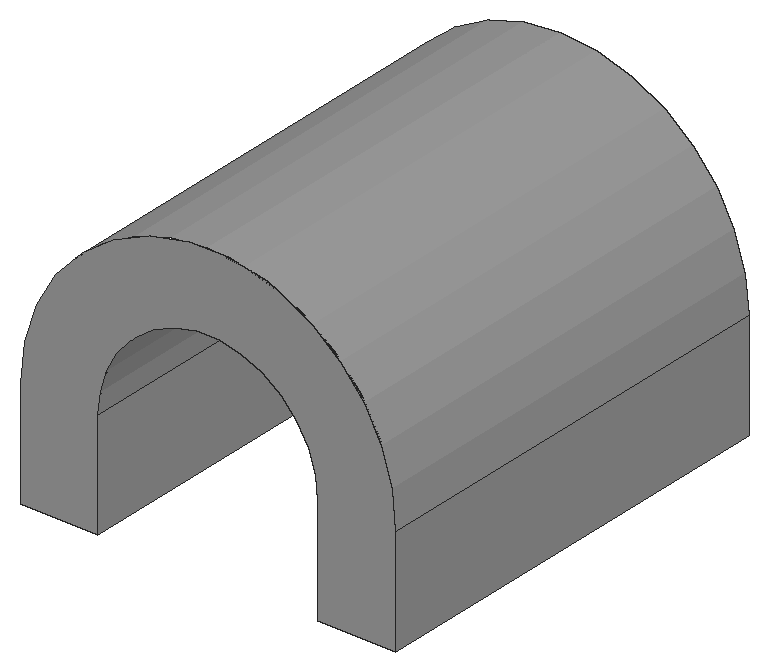
Revit family "Strut Clamp", category Pipe Accessories, Revit 2023
Family settings
  Round Connector Dimension = Use Diameter
  Part Type = Valve - Breaks Into
  Work Plane-Based = Yes
  Always vertical = No
  Cut with Voids When Loaded = No
  Shared = No
Parameters (values of type "Strut Clamp")
  rad1 [instance] = rad + 0' 0.35433"  # 0' - 0.85433"
  leg [instance] = Hord / 2  # 0' - 0.48784"
  lRad1 [instance] = rad1 - 0' 0.07874"  # 0' - 0.77559"
  dep [instance] = Diameter / 4.5  # 0' - 0.22222"
  a = 154.68°  # constant formula
  Hord [instance] = 2 * rad * sin(a / 2)  # 0' - 0.97569"
  rad [instance] = Diameter / 2  # 0' - 0 1/2"
  Diameter [instance] = 0' - 1"
  Default Elevation = 4' - 0"
Types (27): name
  Strut Clamp
  LRD8
  LRD6
  LRD5
  LRD4
  LRD3
  LRD2.5
  LRD2
  LRD14
  LRD12
  LRD10
  LRD1.5
  LRD1.25
  LRD1
  LRDWB8
  LRDWB6
  LRDWB5
  LRDWB4
  LRDWB3
  LRDWB2.5
  LRDWB2
  LRDWB14
  LRDWB12
  LRDWB10
  LRDWB1.5
  LRDWB1.25
  LRDWB1
Reference planes (in)
  plane 1 "По центру (Вперед/Назад)": y = 0
  plane 2: z = 0
  plane 3 "По центру (Влево/Вправо)": x = 0
  plane 4 "Up": y = 1
  plane 5 "Down": y = -1
  plane 6: z = -0.48784
Forms (in)
  Extrusion 1, solid, material "Default"
    sketch origin (0, 0, 0) x (1, 0, 0) y (0, 0, 1)
      loop
        line (0.5, 0) -> (0.5, -0.48784) -> (0.85433, -0.48784) -> (0.85433, 0)
        arc (0.85433, 0) -> (0, 0.85433) -> (-0.85433, 0) r 0.85433
        line (-0.85433, 0) -> (-0.85433, -0.48784) -> (-0.5, -0.48784) -> (-0.5, 0)
        arc (-0.5, 0) -> (0, 0.5) -> (0.5, 0) r 0.5
    from -1 to 1
Dimensions and locks (in)
  plane 5 "Down" to plane 1 "По центру (Вперед/Назад)" to plane 4 "Up" = 0' - 1" locked, 0' - 1" locked
  "leg": plane 6 to plane 2
  "rad": radius of Extrusion 1 sketch curve
  "rad1": radius of Extrusion 1 sketch curve
  aligned and locked: level to plane 2
  aligned and locked: level to Extrusion 1 sketch curve  (x2)
  aligned and locked: plane 4 "Up" to Extrusion 1
  aligned and locked: Extrusion 1 sketch curve to plane 6
  aligned and locked: plane 6 to Extrusion 1 sketch curve
Automatic sketch dimensions
  Extrusion 1 sketch curve to Extrusion 1 sketch curve = 0' - 0"
  Extrusion 1 sketch curve to plane 3 "По центру (Влево/Вправо)" = 0' - 0"
